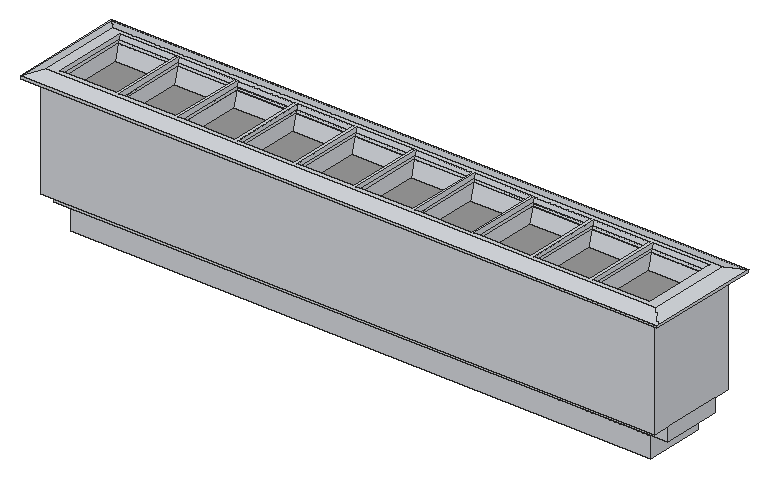
Revit family "2061474 Sylvania Lighting Fixture DOMINO 10xLED 940 BLACK MB TRIM BLACK DALI", category Lighting Fixtures, host Face, Revit 2018
Family settings
  Host = Face
  Round Connector Dimension = Use Diameter
  Part Type = Normal
  OmniClass Number = 23.80.70.00
  OmniClass Title = Lighting
  Cut with Voids When Loaded = No
  Light Source = Yes
  Shared = No
  Room Calculation Point = No
Parameters (values of type "2061474 DOMINO 10XLED 940 BLACK MB TR BLK DALI")
  top top width = 15.812 mm
  top top length = 255 mm
  Width = 50 mm
  Weight = "n/a"
  Wattage Comments = ""
  Wattage = 9.2903 W
  WarrantyStartDate [instance] = "n/a"
  WarrantyGuarantorParts = "n/a"
  WarrantyDurationUnit = "n/a"
  WarrantyDurationParts = ""
  WarrantyDescription = "http://www.sylvania-lighting.com"
  built-in parameter 1150110 = 1 (stored number, unit not read)
  Voltage = 0 V
  URL = "0.96"
  TypeName = "DOMINO 10xLED 940 BLACK MB TRIM BLACK DALI"
  Type Image = <None>
  Type Comments = "n/a"
  built-in parameter 1114217 = 1 (stored number, unit not read)
  Top Width = 26 mm
  Tilt Angle = 90.00°
  built-in parameter 1150109 = 1 (stored number, unit not read)
  built-in parameter 1150134 = 3
  built-in parameter 1150113 = 1 (stored number, unit not read)
  SerialNumber [instance] = "n/a"
  Recessed Width = 43 mm
  Recessed Length = 276 mm
  Photometric Web File = "2061474.ies"
  Material_3_FEILO = none
  PowerFactor = 0
  PowerConsumption = "Lighting"
  NominalLength = 50 mm
  NominalHeight = 0 mm
  NominalDepth = 0 mm
  Name = "DOMINO 10xLED 940 BLACK MB TRIM BLACK DALI"
  ModelReference = Name  # "DOMINO 10xLED 940 BLACK MB TRIM BLACK DALI"
  ModelNumber = "2061474"
  Model = Name  # "DOMINO 10xLED 940 BLACK MB TRIM BLACK DALI"
  Material = "Feilo Sylvania"
  ManufacturerName = "67 lm/W"
  Manufacturer = ""
  LuminousEfficacy = ""
  built-in parameter 1150105 = 109.82 (stored number, unit not read)
  Lumens = 1380 lm
  LuminaireType = "0"
  built-in parameter 1150115 = 1 (stored number, unit not read)
  LightOutputRatio = "LED"
  built-in parameter 1150137 = (empty or 0)
  built-in parameter 1150139 = (empty or 0)
  Lens inside recess = 25 mm
  Lens Width = 32 mm
  Lens Outside recess = 31.978 mm
  Lens = Glass, White, High Luminance
  Length = 280 mm
  LampsType = Lamp  # "n/a"
  LampNominalLuminous = "4000 K"
  LampMacAdamStep = "90"
  LampColourTemperature = "LED"
  LampColourRenderingIndex = "16500"
  built-in parameter 1150112 = 1 (stored number, unit not read)
  built-in parameter 1150114 = 1 (stored number, unit not read)
  Lamp = "n/a"
  Keynote = "n/a"
  InstallationDate [instance] = "n/a"
  InputVoltage = "0"
  InputNominalFrequency = "4000"
  built-in parameter 1150132 = (empty or 0)
  built-in parameter 1150102 = (empty or 0)
  built-in parameter 1150107 = 3200 (stored number, unit not read)
  built-in parameter 1150138 = (empty or 0)
  IngressProtection = "IfcLightFixtureType"
  ImpactProtectionIndex = "IfcLightFixtureType"
  built-in parameter 1150106 = 1.0982 (stored number, unit not read)
  IfcExportType = "IfcLightFixtureType"
  IfcExportAs = "Class II"
  Facia internal width = 37 mm
  Facia internal length = 268 mm
  Facia Height = 2 mm
  ExpectedLife = 50000
  Emit from Circle Diameter = 609.6 mm
  Emit Shape Visible in Rendering = no
  ElectricShockClassification = "67"
  built-in parameter 1150104 = 13.8 (stored number, unit not read)
  DurationUnit = "hours"
  DocumentationLiterature = "http://www.sylvania-lighting.com/product/en-int/products/2061474"
  DimmingControlOptions = "n/a"
  Material_2_FEILO = none
  Dimming Lamp Color Temperature Shift = <None>
  Description = "Modular LED recessed linear spotlight, ideal for retail and hospitality applications. Die-cast aluminium body, passive cooling. Two levels of reflector installation, low glaring UGR<16. 10x LED source, 30° beam angle , optics: PMMA lens and polycarbonate reflector combination, Black matt reflector finish. Light color temperature: 4000K neutral white, total system power: 23W , total fixture lumen output: 1525lm, efficacy: 67 lm/W, Ra90 typical, LED chromacity: 3 step MacAdam ellipse (SDCM3), lifespan: 96,000 hours at 90% of the original output (L90B10), IR/UV free light source without heat radiation, operating voltage: 220-240V / 50-60Hz, electronic driver, ultra low flicker, DALI , electrical protection: Class II. Degree of Protection: IP40/IP20, suitable for indoor environment only. Ceiling cut-out: 43x43mm, outer dimensions:  280x50mm trim frame RAL 9005 - Jet black color.5 years Warranty."
  Default Elevation = 1219.2 mm
  CreatedOn = "11/02/2021"
  CreatedBy = "@sylvania-lighting.com"
  Cost = 0
  Color Filter = 16777215
  built-in parameter 1114216 [instance] = (empty or 0)
  ClassificationValue = "EF_70_80"
  ClassificationName = "Uniclass2015"
  Material_1_FEILO = none
  Body Width = 40 mm
  Body Length = 270 mm
  BarCode [instance] = "n/a"
  built-in parameter 1114218 = 1 (stored number, unit not read)
  built-in parameter 1150133 = 10 (stored number, unit not read)
  AssetType = "Fixed"
  AssetIdentifier [instance] = "n/a"
  Assembly Code = "D5020200"
  Apparent Load = 23 VA
  Material_4_FEILO = none
Reference planes
  plane 1 "Center (Front/Back)": y = 0
  plane 2: z = 0
  plane 3 "Center (Left/Right)": x = 0
  plane 4: z = 0
  plane 5: z = -7
  plane 6: z = -45.895
  plane 7: z = -51.895
  plane 8: z = -60.895
  plane 9: x = -138
  plane 10: x = 138
  plane 11: y = 21.5
  plane 12: y = -21.5
  plane 13: x = -140
  plane 14: x = 140
  plane 15: y = 25
  plane 16: y = -25
  plane 17: x = 134
  plane 18: x = -134
  plane 19: y = 18.5
  plane 20: y = -18.5
  plane 21: z = 2
  plane 22: x = -135
  plane 23: x = 135
  plane 24: y = 20
  plane 25: y = -20
  plane 26: y = 13
  plane 27: y = -13
  plane 28: x = 127.5
  plane 29: x = -127.5
  plane 30: x = -132
  plane 31: y = 16.5
  plane 32: y = -16.472
  plane 33: y = 13
  plane 34: y = -12.972
  plane 35: x = 129.7
  plane 36: x = 127.224
Forms (mm)
  Extrusion 1, solid, not visible, detail levels medium+fine
    sketch origin (4.2, 0, 0) x (1, 0, 0) y (0, 1, 0)
      loop
        line (-29.2, 34.5) -> (-29.2, -34.5) -> (20.8, -34.5) -> (20.8, 34.5) -> (-29.2, 34.5)
    from 0 to 1
  Extrusion 2, solid, not visible, detail levels medium+fine
    sketch origin (4.044, 0, 0) x (1, 0, 0) y (0, 1, 0)
      loop
        line (-29.2, 34.5) -> (-29.2, -34.5) -> (20.8, -34.5) -> (20.8, 34.5) -> (-29.2, 34.5)
    from 0 to 1
  Blend 3, solid, not visible, detail levels medium+fine
    base sketch origin (4.2, 0, 0) x (1, 0, 0) y (0, 1, 0)
      loop
        line (-29.2, 34.5) -> (-29.2, -34.5) -> (20.8, -34.5) -> (20.8, 34.5) -> (-29.2, 34.5)
    top sketch origin (4.2, 0, 0) x (1, 0, 0) y (0, 1, 0)
      loop
        line (-21.7, 28) -> (-21.7, -28) -> (13.3, -28) -> (13.3, 28) -> (-21.7, 28)
    from 1 to 3
  Extrusion 4, solid, not visible, detail levels medium+fine
    sketch origin (3.419, 0, 0) x (1, 0, 0) y (0, 1, 0)
      loop
        line (-29.2, 34.5) -> (-29.2, -34.5) -> (20.8, -34.5) -> (20.8, 34.5) -> (-29.2, 34.5)
    from 0 to 1
  Blend 5, solid, not visible, detail levels medium+fine
    base sketch origin (3.575, 0, 0) x (1, 0, 0) y (0, 1, 0)
      loop
        line (-29.2, 34.5) -> (-29.2, -34.5) -> (20.8, -34.5) -> (20.8, 34.5) -> (-29.2, 34.5)
    top sketch origin (3.575, 0, 0) x (1, 0, 0) y (0, 1, 0)
      loop
        line (-21.7, 28) -> (-21.7, -28) -> (13.3, -28) -> (13.3, 28) -> (-21.7, 28)
    from 1 to 3
  Extrusion 6, solid, not visible, detail levels medium+fine
    sketch origin (4.247, 0, 0) x (1, 0, 0) y (0, 1, 0)
      loop
        line (-29.2, 34.5) -> (-29.2, -34.5) -> (20.8, -34.5) -> (20.8, 34.5) -> (-29.2, 34.5)
    from 0 to 1
  Blend 7, solid, not visible, detail levels medium+fine
    base sketch origin (4.403, 0, 0) x (1, 0, 0) y (0, 1, 0)
      loop
        line (-29.2, 34.5) -> (-29.2, -34.5) -> (20.8, -34.5) -> (20.8, 34.5) -> (-29.2, 34.5)
    top sketch origin (4.403, 0, 0) x (1, 0, 0) y (0, 1, 0)
      loop
        line (-21.7, 28) -> (-21.7, -28) -> (13.3, -28) -> (13.3, 28) -> (-21.7, 28)
    from 1 to 3
  Extrusion 8, void, detail levels medium+fine
    sketch origin (4.2, 0, 0) x (0, 1, 0) y (1, 0, 0)
      loop
        line (21.5, -142.2) -> (21.5, 133.8) -> (-21.5, 133.8) -> (-21.5, -142.2) -> (21.5, -142.2)
    from -9.934 to 83.097
  Extrusion 9, solid, detail levels medium+fine
    sketch origin (4.2, 0, 0) x (1, 0, 0) y (0, 1, 0)
      loop
        line (-144.2, 25) -> (-144.2, -25) -> (135.8, -25) -> (135.8, 25) -> (-144.2, 25)
    from 0 to 1
  Extrusion 10, solid, detail levels medium+fine
    sketch origin (4.2, 0, 0) x (1, 0, 0) y (0, 1, 0)
      loop
        line (-139.2, 20) -> (-139.2, -20) -> (130.8, -20) -> (130.8, 20) -> (-139.2, 20)
    from 0 to -45.895
  Extrusion 11, solid, detail levels medium+fine
    sketch origin (4.2, 0, 0) x (1, 0, 0) y (0, 1, 0)
      loop
        line (-139.2, 13) -> (-139.2, -13) -> (130.8, -13) -> (130.8, 13) -> (-139.2, 13)
    from -51.895 to -45.895
  Extrusion 12, solid, material "Glass, White, High Luminance" <- "Lens", detail levels fine
    sketch origin (-53.155, 1221.106, 36.156) x (1, 0, 0) y (0, 1, 0)
      loop
        line (-76.18, -1206.856) -> (-76.18, -1232.856) -> (-52.18, -1232.856) -> (-52.18, -1206.856) -> (-76.18, -1206.856)
    from -43.156 to -42.182
  Blend 13, solid, detail levels medium+fine
    base sketch origin (4.2, 0, 0) x (1, 0, 0) y (0, 1, 0)
      loop
        line (-144.2, 25) -> (-144.2, -25) -> (135.8, -25) -> (135.8, 25) -> (-144.2, 25)
    top sketch origin (4.2, 0, 0) x (1, 0, 0) y (0, 1, 0)
      loop
        line (-138.2, 18.5) -> (-138.2, -18.5) -> (129.8, -18.5) -> (129.8, 18.5) -> (-138.2, 18.5)
    from 1 to 3
  Extrusion 14, solid, detail levels fine
    sketch origin (0, 0, 0) x (1, 0, 0) y (0, 0, 1)
      loop
        line (-127.5, -51.895) -> (-127.5, -60.895) -> (127.5, -60.895) -> (127.5, -51.895) -> (-127.5, -51.895)
    from -13 to 13
  Blend 15, void
    base sketch origin (-59.8, 0, 0) x (0, 1, 0) y (-1, 0, 0)
      loop
        line (16.5, 69.7) -> (-16.472, 69.7) -> (-16.472, 44.7) -> (16.5, 44.7) -> (16.5, 69.7)
    top sketch origin (-59.8, 0, 0) x (0, 1, 0) y (-1, 0, 0)
      loop
        line (13, 69.2) -> (-12.972, 69.2) -> (-12.972, 45.2) -> (13, 45.2) -> (13, 69.2)
    from 3 to -7
  Blend 16, void
    base sketch origin (18.282, 0, 0) x (0, 1, 0) y (-1, 0, 0)
      loop
        line (16.5, 69.7) -> (-16.472, 69.7) -> (-16.472, 44.7) -> (16.5, 44.7) -> (16.5, 69.7)
    top sketch origin (18.282, 0, 0) x (0, 1, 0) y (-1, 0, 0)
      loop
        line (13, 69.2) -> (-12.972, 69.2) -> (-12.972, 45.2) -> (13, 45.2) -> (13, 69.2)
    from 3 to -7
  Blend 17, void
    base sketch origin (44.284, -0.017, 0) x (0, 1, 0) y (-1, 0, 0)
      loop
        line (16.5, 69.7) -> (-16.472, 69.7) -> (-16.472, 44.7) -> (16.5, 44.7) -> (16.5, 69.7)
    top sketch origin (44.284, -0.017, 0) x (0, 1, 0) y (-1, 0, 0)
      loop
        line (13, 69.2) -> (-12.972, 69.2) -> (-12.972, 45.2) -> (13, 45.2) -> (13, 69.2)
    from 3 to -7
  Blend 18, void
    base sketch origin (70.327, 0, 0) x (0, 1, 0) y (-1, 0, 0)
      loop
        line (16.5, 69.7) -> (-16.472, 69.7) -> (-16.472, 44.7) -> (16.5, 44.7) -> (16.5, 69.7)
    top sketch origin (70.327, 0, 0) x (0, 1, 0) y (-1, 0, 0)
      loop
        line (13, 69.2) -> (-12.972, 69.2) -> (-12.972, 45.2) -> (13, 45.2) -> (13, 69.2)
    from 3 to -7
  Blend 19, void
    base sketch origin (96.351, 0, 0) x (0, 1, 0) y (-1, 0, 0)
      loop
        line (16.5, 69.7) -> (-16.472, 69.7) -> (-16.472, 44.7) -> (16.5, 44.7) -> (16.5, 69.7)
    top sketch origin (96.351, 0, 0) x (0, 1, 0) y (-1, 0, 0)
      loop
        line (13, 69.2) -> (-12.972, 69.2) -> (-12.972, 45.2) -> (13, 45.2) -> (13, 69.2)
    from 3 to -7
  Extrusion 20, solid, material "Glass, White, High Luminance" <- "Lens", detail levels fine
    sketch origin (-29.269, 1219.946, 36.156) x (1, 0, 0) y (0, 1, 0)
      loop
        line (-73.723, -1206.946) -> (-73.723, -1232.946) -> (-49.723, -1232.946) -> (-49.723, -1206.946) -> (-73.723, -1206.946)
    from -43.156 to -42.182
  Extrusion 21, solid, material "Glass, White, High Luminance" <- "Lens", detail levels fine
    sketch origin (-0.613, 1219.733, 36.156) x (1, 0, 0) y (0, 1, 0)
      loop
        line (-76.347, -1206.7) -> (-76.347, -1232.733) -> (-52.347, -1232.733) -> (-52.347, -1206.7) -> (-76.347, -1206.7)
    from -43.156 to -42.182
  Extrusion 22, solid, material "Glass, White, High Luminance" <- "Lens", detail levels fine
    sketch origin (24.387, 1218.509, 36.156) x (1, 0, 0) y (0, 1, 0)
      loop
        line (-75.305, -1205.509) -> (-75.305, -1231.509) -> (-51.305, -1231.509) -> (-51.305, -1205.509) -> (-75.305, -1205.509)
    from -43.156 to -42.182
  Extrusion 23, solid, material "Glass, White, High Luminance" <- "Lens", detail levels fine
    sketch origin (51.187, 1219.547, 36.156) x (1, 0, 0) y (0, 1, 0)
      loop
        line (-76.102, -1206.547) -> (-76.102, -1232.547) -> (-52.102, -1232.547) -> (-52.102, -1206.547) -> (-76.102, -1206.547)
    from -43.156 to -42.182
  Blend 24, void
    base sketch origin (-33.792, 0, 0) x (0, 1, 0) y (-1, 0, 0)
      loop
        line (16.5, 69.7) -> (-16.472, 69.7) -> (-16.472, 44.7) -> (16.5, 44.7) -> (16.5, 69.7)
    top sketch origin (-33.792, 0, 0) x (0, 1, 0) y (-1, 0, 0)
      loop
        line (13, 69.2) -> (-12.972, 69.2) -> (-12.972, 45.2) -> (13, 45.2) -> (13, 69.2)
    from 3 to -7
  Blend 25, void
    base sketch origin (-7.76, 0, 0) x (0, 1, 0) y (-1, 0, 0)
      loop
        line (16.5, 69.7) -> (-16.472, 69.7) -> (-16.472, 44.7) -> (16.5, 44.7) -> (16.5, 69.7)
    top sketch origin (-7.76, 0, 0) x (0, 1, 0) y (-1, 0, 0)
      loop
        line (13, 69.2) -> (-12.972, 69.2) -> (-12.972, 45.2) -> (13, 45.2) -> (13, 69.2)
    from 3 to -7
  Blend 26, void
    base sketch origin (122.411, 0, 0) x (0, 1, 0) y (-1, 0, 0)
      loop
        line (16.5, 69.7) -> (-16.472, 69.7) -> (-16.472, 44.7) -> (16.5, 44.7) -> (16.5, 69.7)
    top sketch origin (122.411, 0, 0) x (0, 1, 0) y (-1, 0, 0)
      loop
        line (13, 69.2) -> (-12.972, 69.2) -> (-12.972, 45.2) -> (13, 45.2) -> (13, 69.2)
    from 3 to -7
  Extrusion 27, solid, material "Glass, White, High Luminance" <- "Lens", detail levels fine
    sketch origin (77.265, 1219.547, 36.156) x (1, 0, 0) y (0, 1, 0)
      loop
        line (-76.102, -1206.547) -> (-76.102, -1232.547) -> (-52.102, -1232.547) -> (-52.102, -1206.547) -> (-76.102, -1206.547)
    from -43.156 to -42.182
  Extrusion 28, solid, material "Glass, White, High Luminance" <- "Lens", detail levels fine
    sketch origin (100.753, 1219.547, 36.156) x (1, 0, 0) y (0, 1, 0)
      loop
        line (-76.102, -1206.547) -> (-76.102, -1232.547) -> (-52.102, -1232.547) -> (-52.102, -1206.547) -> (-76.102, -1206.547)
    from -43.156 to -42.182
  Extrusion 29, solid, material "Glass, White, High Luminance" <- "Lens", detail levels fine
    sketch origin (129.314, 1219.547, 36.156) x (1, 0, 0) y (0, 1, 0)
      loop
        line (-76.102, -1206.547) -> (-76.102, -1232.547) -> (-52.102, -1232.547) -> (-52.102, -1206.547) -> (-76.102, -1206.547)
    from -43.156 to -42.182
  Blend 30, void
    base sketch origin (148.416, 0, 0) x (0, 1, 0) y (-1, 0, 0)
      loop
        line (16.5, 69.7) -> (-16.472, 69.7) -> (-16.472, 44.7) -> (16.5, 44.7) -> (16.5, 69.7)
    top sketch origin (148.416, 0, 0) x (0, 1, 0) y (-1, 0, 0)
      loop
        line (13, 69.2) -> (-12.972, 69.2) -> (-12.972, 45.2) -> (13, 45.2) -> (13, 69.2)
    from 3 to -7
  Extrusion 31, solid, material "Glass, White, High Luminance" <- "Lens", detail levels fine
    sketch origin (155.278, 1219.547, 36.156) x (1, 0, 0) y (0, 1, 0)
      loop
        line (-76.102, -1206.547) -> (-76.102, -1232.547) -> (-52.102, -1232.547) -> (-52.102, -1206.547) -> (-76.102, -1206.547)
    from -43.156 to -42.182
  Blend 32, void
    base sketch origin (174.42, 0, 0) x (0, 1, 0) y (-1, 0, 0)
      loop
        line (16.5, 69.7) -> (-16.472, 69.7) -> (-16.472, 44.7) -> (16.5, 44.7) -> (16.5, 69.7)
    top sketch origin (174.42, 0, 0) x (0, 1, 0) y (-1, 0, 0)
      loop
        line (13, 69.2) -> (-12.972, 69.2) -> (-12.972, 45.2) -> (13, 45.2) -> (13, 69.2)
    from 3 to -7
  Extrusion 33, solid, material "Glass, White, High Luminance" <- "Lens", detail levels fine
    sketch origin (181.434, 1219.547, 36.156) x (1, 0, 0) y (0, 1, 0)
      loop
        line (-76.214, -1206.547) -> (-76.214, -1232.547) -> (-52.214, -1232.547) -> (-52.214, -1206.547) -> (-76.214, -1206.547)
    from -43.156 to -42.182
  Extrusion 34, solid, detail levels coarse
    sketch origin (4.2, 0, 0) x (1, 0, 0) y (0, 1, 0)
      loop
        line (-144.2, 25) -> (-144.2, -25) -> (135.8, -25) -> (135.8, 25) -> (-144.2, 25)
    from -60.895 to 3
Cuts and joins
  Blend 15, Blend 16, Blend 17, Blend 18, Blend 19, Blend 24, Blend 25, Blend 26, Blend 30, Blend 32 cuts Extrusion 9
  Blend 15, Blend 16, Blend 17, Blend 18, Blend 19, Blend 24, Blend 25, Blend 26, Blend 30, Blend 32 cuts Extrusion 10
  Blend 15, Blend 16, Blend 17, Blend 18, Blend 19, Blend 24, Blend 25, Blend 26, Blend 30, Blend 32 cuts Blend 13
  Blend 32 cuts Extrusion 31
Dimensions and locks
  "Recessed Length": plane 9 to plane 10
  equal spacing: plane 9, plane 3 "Center (Left/Right)", plane 10
  "Length": plane 13 to plane 14
  equal spacing: plane 13, plane 3 "Center (Left/Right)", plane 14
  "Recessed Width": plane 11 to plane 12
  equal spacing: plane 11, plane 1 "Center (Front/Back)", plane 12
  "Width": plane 15 to plane 16
  equal spacing: plane 15, plane 1 "Center (Front/Back)", plane 16
  "Facia internal length": plane 18 to plane 17
  equal spacing: plane 18, plane 3 "Center (Left/Right)", plane 17
  "Facia internal width": plane 19 to plane 20
  equal spacing: plane 19, plane 1 "Center (Front/Back)", plane 20
  "Facia Height": plane 21 to host face
  "Body Length": plane 22 to plane 23
  equal spacing: plane 22, plane 3 "Center (Left/Right)", plane 23
  "Body Width": plane 24 to plane 25
  equal spacing: plane 24, plane 1 "Center (Front/Back)", plane 25
  "Top Width": plane 26 to plane 27
  equal spacing: plane 26, plane 1 "Center (Front/Back)", plane 27
  "top top length": plane 29 to plane 28
  equal spacing: plane 29, plane 3 "Center (Left/Right)", plane 28  (x2)
  plane 28 to plane 29 = 255 mm
  equal spacing: plane 28, plane 3 "Center (Left/Right)", plane 29
  aligned and locked: plane 2 to host face
  aligned and locked: level to host face
  aligned and locked: Extrusion 11 to plane 7
  aligned and locked: Extrusion 10 to plane 6
  aligned and locked: Extrusion 12 to plane 5
Automatic sketch dimensions
  Extrusion 1 sketch curve to Extrusion 1 sketch curve = 50 mm
  Extrusion 1 sketch curve to Extrusion 1 sketch curve = 69 mm
  Extrusion 2 sketch curve to Extrusion 2 sketch curve = 50 mm
  Extrusion 2 sketch curve to Extrusion 2 sketch curve = 69 mm
  Blend 3 sketch curve to Blend 3 sketch curve = 50 mm
  Blend 3 sketch curve to Blend 3 sketch curve = 69 mm
  Blend 3 sketch curve to Blend 3 sketch curve = 35 mm
  Blend 3 sketch curve to Blend 3 sketch curve = 56 mm
  Extrusion 4 sketch curve to Extrusion 4 sketch curve = 50 mm
  Extrusion 4 sketch curve to Extrusion 4 sketch curve = 69 mm
  Blend 5 sketch curve to Blend 5 sketch curve = 50 mm
  Blend 5 sketch curve to Blend 5 sketch curve = 69 mm
  Blend 5 sketch curve to Blend 5 sketch curve = 35 mm
  Blend 5 sketch curve to Blend 5 sketch curve = 56 mm
  Extrusion 6 sketch curve to Extrusion 6 sketch curve = 50 mm
  Extrusion 6 sketch curve to Extrusion 6 sketch curve = 69 mm
  Blend 7 sketch curve to Blend 7 sketch curve = 50 mm
  Blend 7 sketch curve to Blend 7 sketch curve = 69 mm
  Blend 7 sketch curve to Blend 7 sketch curve = 35 mm
  Blend 7 sketch curve to Blend 7 sketch curve = 56 mm
  host sketch curve to host sketch curve = 2438.4 mm  (x2)
  Extrusion 8 sketch curve to plane 9 = 0 mm
  Extrusion 8 sketch curve to plane 12 = 0 mm
  Extrusion 8 sketch curve to plane 11 = 0 mm
  Extrusion 8 sketch curve to plane 10 = 0 mm
  Extrusion 9 sketch curve to plane 13 = 0 mm
  Extrusion 9 sketch curve to plane 14 = 0 mm
  Extrusion 9 sketch curve to plane 16 = 0 mm
  Extrusion 9 sketch curve to plane 15 = 0 mm
  Extrusion 10 sketch curve to plane 22 = 0 mm
  Extrusion 10 sketch curve to plane 23 = 0 mm
  Extrusion 10 sketch curve to plane 25 = 0 mm
  Extrusion 10 sketch curve to plane 24 = 0 mm
  Extrusion 11 sketch curve to plane 22 = 0 mm
  Extrusion 11 sketch curve to plane 23 = 0 mm
  Extrusion 11 sketch curve to plane 27 = 0 mm
  plane 26 to Extrusion 11 sketch curve = 0 mm
  plane 27 to Extrusion 12 sketch curve = 1.25 mm
  plane 26 to Extrusion 12 sketch curve = 1.25 mm
  plane 30 to Extrusion 12 sketch curve = 2.665 mm
  Blend 13 sketch curve to plane 13 = 0 mm
  Blend 13 sketch curve to plane 14 = 0 mm
  Blend 13 sketch curve to plane 16 = 0 mm
  Blend 13 sketch curve to plane 15 = 0 mm
  Blend 13 sketch curve to plane 18 = 0 mm
  Blend 13 sketch curve to plane 17 = 0 mm
  Blend 13 sketch curve to plane 20 = 0 mm
  Blend 13 sketch curve to plane 19 = 0 mm
  Extrusion 14 sketch curve to plane 8 = 0 mm
  Extrusion 14 sketch curve to plane 29 = 0 mm
  Extrusion 14 sketch curve to plane 28 = 0 mm
  Extrusion 14 sketch curve to plane 7 = 0 mm
  plane 30 to Blend 15 sketch curve = 2.5 mm
  Blend 15 sketch curve to plane 32 = 0 mm
  Blend 15 sketch curve to plane 31 = 0 mm
  Blend 15 sketch curve to plane 34 = 0 mm
  Blend 15 sketch curve to plane 26 = 0 mm
  plane 30 to Blend 15 sketch curve = 3 mm
  Blend 16 sketch curve to plane 32 = 0 mm
  Blend 16 sketch curve to plane 31 = 0 mm
  Blend 16 sketch curve to plane 34 = 0 mm
  Blend 16 sketch curve to plane 26 = 0 mm
  Blend 17 sketch curve to plane 32 = 0.017 mm
  Blend 17 sketch curve to plane 31 = 0.017 mm
  plane 27 to Blend 17 sketch curve = 0.011 mm
  Blend 17 sketch curve to plane 26 = 0.017 mm
  plane 32 to Blend 18 sketch curve = 0 mm
  plane 31 to Blend 18 sketch curve = 0 mm
  plane 34 to Blend 18 sketch curve = 0 mm
  plane 26 to Blend 18 sketch curve = 0 mm
  Blend 19 sketch curve to plane 32 = 0 mm
  Blend 19 sketch curve to plane 31 = 0 mm
  Blend 19 sketch curve to plane 34 = 0 mm
  Blend 19 sketch curve to plane 26 = 0 mm
  Extrusion 20 sketch curve to plane 27 = 0 mm
  Extrusion 20 sketch curve to plane 26 = 0 mm
  Extrusion 21 sketch curve to plane 27 = 0 mm
  plane 26 to Extrusion 21 sketch curve = 0.033 mm
  Extrusion 22 sketch curve to plane 27 = 0 mm
  Extrusion 22 sketch curve to plane 26 = 0 mm
  Extrusion 23 sketch curve to plane 27 = 0 mm
  Extrusion 23 sketch curve to plane 26 = 0 mm
  Blend 24 sketch curve to plane 32 = 0 mm
  Blend 24 sketch curve to plane 31 = 0 mm
  Blend 24 sketch curve to plane 34 = 0 mm
  Blend 24 sketch curve to plane 26 = 0 mm
  Blend 25 sketch curve to plane 32 = 0 mm
  Blend 25 sketch curve to plane 31 = 0 mm
  Blend 25 sketch curve to plane 34 = 0 mm
  Blend 25 sketch curve to plane 26 = 0 mm
  Blend 26 sketch curve to plane 32 = 0 mm
  Blend 26 sketch curve to plane 31 = 0 mm
  Blend 26 sketch curve to plane 34 = 0 mm
  Blend 26 sketch curve to plane 26 = 0 mm
  Extrusion 27 sketch curve to plane 27 = 0 mm
  Extrusion 27 sketch curve to plane 26 = 0 mm
  Extrusion 28 sketch curve to plane 27 = 0 mm
  Extrusion 28 sketch curve to plane 26 = 0 mm
  Extrusion 29 sketch curve to plane 27 = 0 mm
  Extrusion 29 sketch curve to plane 26 = 0 mm
  Blend 30 sketch curve to plane 32 = 0 mm
  Blend 30 sketch curve to plane 31 = 0 mm
  Blend 30 sketch curve to plane 34 = 0 mm
  Blend 30 sketch curve to plane 26 = 0 mm
  Extrusion 31 sketch curve to plane 27 = 0 mm
  Extrusion 31 sketch curve to plane 26 = 0 mm
  Blend 32 sketch curve to plane 32 = 0 mm
  Blend 32 sketch curve to plane 31 = 0 mm
  plane 28 to Blend 32 sketch curve = 2.22 mm
  Blend 32 sketch curve to plane 34 = 0 mm
  Blend 32 sketch curve to plane 26 = 0 mm
  plane 28 to Blend 32 sketch curve = 1.72 mm
  plane 27 to Extrusion 33 sketch curve = 0 mm
  plane 26 to Extrusion 33 sketch curve = 0 mm
  plane 28 to Extrusion 33 sketch curve = 1.72 mm
  Extrusion 21 sketch curve to Extrusion 21 sketch curve = 24 mm
  Blend 25 sketch curve to Blend 25 sketch curve = 24 mm
  plane 29 to Extrusion 12 sketch curve = 22.165 mm
  plane 29 to Blend 15 sketch curve = 23 mm
  plane 29 to Blend 15 sketch curve = 22.5 mm
  plane 29 to Extrusion 20 sketch curve = 24.508 mm
  Extrusion 20 sketch curve to Extrusion 20 sketch curve = 24 mm
  plane 29 to Blend 24 sketch curve = 49.008 mm
  plane 29 to Blend 24 sketch curve = 24.008 mm
  plane 29 to Blend 24 sketch curve = 48.508 mm
  Blend 24 sketch curve to Blend 24 sketch curve = 24 mm
  Blend 25 sketch curve to Blend 25 sketch curve = 25 mm
  Blend 16 sketch curve to Blend 16 sketch curve = 25 mm
  Blend 16 sketch curve to Blend 16 sketch curve = 24 mm
  plane 29 to Extrusion 21 sketch curve = 50.54 mm
  Extrusion 22 sketch curve to Extrusion 22 sketch curve = 24 mm
  Blend 16 sketch curve to plane 3 "Center (Left/Right)" = 26.418 mm
  Blend 16 sketch curve to plane 3 "Center (Left/Right)" = 26.918 mm
  Blend 17 sketch curve to plane 3 "Center (Left/Right)" = 0.416 mm
  Blend 17 sketch curve to Blend 17 sketch curve = 25 mm
  Blend 17 sketch curve to plane 3 "Center (Left/Right)" = 0.916 mm
  Blend 17 sketch curve to Blend 17 sketch curve = 24 mm
  plane 3 "Center (Left/Right)" to Blend 18 sketch curve = 0.627 mm
  plane 3 "Center (Left/Right)" to Blend 18 sketch curve = 1.127 mm
  Extrusion 22 sketch curve to plane 3 "Center (Left/Right)" = 50.918 mm
  Extrusion 23 sketch curve to plane 3 "Center (Left/Right)" = 24.916 mm
  Extrusion 23 sketch curve to plane 3 "Center (Left/Right)" = 0.916 mm
  Blend 25 sketch curve to plane 3 "Center (Left/Right)" = 52.46 mm
  Blend 25 sketch curve to plane 3 "Center (Left/Right)" = 52.96 mm
  plane 3 "Center (Left/Right)" to Extrusion 27 sketch curve = 1.162 mm
  Blend 18 sketch curve to Blend 18 sketch curve = 25 mm
  Blend 18 sketch curve to Blend 18 sketch curve = 24 mm
  plane 3 "Center (Left/Right)" to Blend 19 sketch curve = 51.651 mm
  Blend 19 sketch curve to Blend 19 sketch curve = 25 mm
  plane 3 "Center (Left/Right)" to Blend 19 sketch curve = 51.151 mm
  Blend 19 sketch curve to Blend 19 sketch curve = 24 mm
  Blend 26 sketch curve to plane 36 = 49.513 mm
  Blend 26 sketch curve to Blend 26 sketch curve = 25 mm
  Blend 26 sketch curve to plane 36 = 50.013 mm
  Blend 26 sketch curve to Blend 26 sketch curve = 24 mm
  Extrusion 27 sketch curve to Extrusion 27 sketch curve = 24 mm
  plane 3 "Center (Left/Right)" to Extrusion 28 sketch curve = 24.651 mm
  Extrusion 28 sketch curve to Extrusion 28 sketch curve = 24 mm
  plane 3 "Center (Left/Right)" to Extrusion 29 sketch curve = 53.211 mm
  Extrusion 29 sketch curve to Extrusion 29 sketch curve = 24 mm
  Blend 30 sketch curve to plane 36 = 23.508 mm
  Blend 30 sketch curve to Blend 30 sketch curve = 25 mm
  Blend 30 sketch curve to plane 36 = 24.008 mm
  Blend 30 sketch curve to Blend 30 sketch curve = 24 mm
  Extrusion 31 sketch curve to plane 36 = 48.048 mm
  Extrusion 31 sketch curve to Extrusion 31 sketch curve = 24 mm
  Blend 32 sketch curve to plane 36 = 22.504 mm
  Blend 32 sketch curve to plane 36 = 22.004 mm
  Extrusion 33 sketch curve to plane 36 = 22.004 mm
  Extrusion 34 sketch curve to plane 13 = 0 mm
  Extrusion 34 sketch curve to plane 14 = 0 mm
  Extrusion 34 sketch curve to plane 16 = 0 mm
  Extrusion 34 sketch curve to plane 15 = 0 mm
Connectors
  electrical at (0, 0, -60.895)
    settings: on Extrusion 14, index 1, voltage 0 V, apparent load 0 VA, apparent load phase1 0 VA, apparent load phase2 0 VA, apparent load phase3 0 VA, power factor 1, load classification "Other", number of poles 1, system type 31, power factor state 1, is connector primary yes, connector utility no, sub classification motor no, connector description ""
